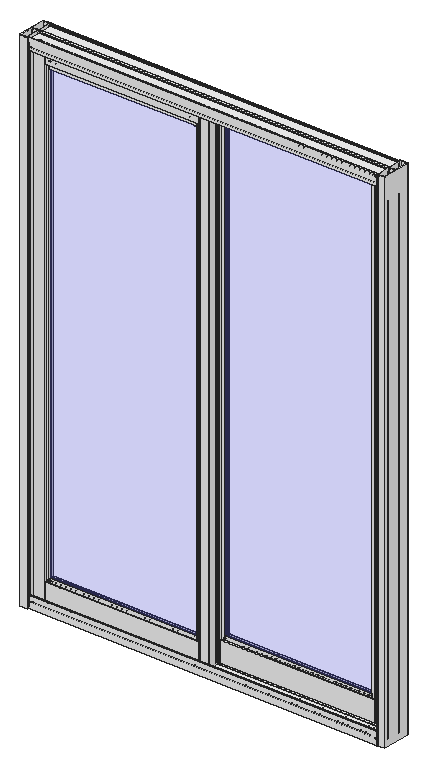
Revit family "Palace_Multi_XO_Custom", category Doors, host Wall, Revit 2014 (continued)
Definition of nested family "Palace_Sash_Fixed_Palace_XO_Cust"
  Definition of nested family "Single_Glazing_Palace_XO_Cust"
    Parameters (values of type "Single_Glazing")
      Arrow Bottom Gap [instance] = Glazing Height / 2  # 450 mm
    Reference planes
      plane 1 "Center (Front/Back)": y = 0
      plane 2: z = 0
      plane 3 "Center (Left/Right)": x = 0
    Forms (mm)
      Extrusion 1, solid, material "Glass" <- "Glazing Material"
        sketch origin (0, 0, 0) x (1, 0, 0) y (0, 0, 1)
          loop
            line (0, 0) -> (0, 900) -> (-900, 900) -> (-900, 0) -> (0, 0)
        from 0 to 4 <- "Glazing Thickness SG"
    Lines and regions (mm)
      model lines, visible <- "Is Sliding"
        curve 1: line (-583.233, -4, 450) -> (-316.767, -4, 450)
      model lines, visible <- "Left Sliding"
        curve 2: line (-316.767, -4, 450) -> (-373.864, -4, 507.097)
        curve 3: line (-316.767, -4, 450) -> (-373.864, -4, 392.903)
      model lines, visible <- "Right Sliding"
        curve 4: line (-583.233, -4, 450) -> (-526.136, -4, 507.097)
        curve 5: line (-583.233, -4, 450) -> (-526.136, -4, 392.903)
    Dimensions and locks
      "Length Arrow": curve 1 to curve 1
      "Arrow Left Gap": plane 3 "Center (Left/Right)" to curve 1
      "Arrow Bottom Gap": level to curve 1
      "Arrow Tip Length": curve 3 to curve 2
      "Arrow Tip Length": curve 3 to curve 3
      "Length Arrow Tip": curve 5 to curve 5
      "Length Arrow Tip": curve 5 to curve 4
      "Glazing Width": plane 3 "Center (Left/Right)" to Extrusion 1 sketch curve
      "Glazing Height": Extrusion 1 sketch curve to level
      "Arrow Tip Angle": angle curve 3 to curve 1
      "Arrow Tip Angle": angle curve 1 to curve 2
      "Arrow Tip Angle": angle curve 4 to curve 1
      "Arrow Tip Angle": angle curve 1 to curve 5
      aligned and locked: level to plane 2
      aligned and locked: Extrusion 1 sketch curve to plane 3 "Center (Left/Right)"
      aligned and locked: level to Extrusion 1 sketch curve
  Definition of nested family "Double_Glazing_Palace_XO_Cust"
    Parameters (values of type "Double_Glazing")
      Glazing Width [instance] = 600 mm
      Glazing Height [instance] = 600 mm
      Right Sliding [instance] = yes
      Length Arrow Tip [instance] = if((Glazing Height - (2 * 50.3 mm)) / 8 > Length Arrow / 3.3, Length Arrow / 3.3, (Glazing Height - (2 * 50.3 mm)) / 8)  # 50.444 mm
      Length Arrow [instance] = (Glazing Width - (2 * 50.3 mm)) / 3  # 166.467 mm
      Left Sliding [instance] = yes
      Is Sliding [instance] = if(or(Right Sliding, Left Sliding), 1 = 1, 1 = 2)  # yes
      Glazing Thickness DG [instance] = 4 mm
      Glazing Material [instance] = Glass
      Double Glazing Gasket Thickness [instance] = 12 mm
      Double Glazing Gasket Material [instance] = none
      Arrow Tip Length [instance] = if((Glazing Height - (2 * 50.3 mm)) / 8 > Length Arrow / 3.3, Length Arrow / 3.3, (Glazing Height - (2 * 50.3 mm)) / 8)  # 50.444 mm
      Arrow Tip Angle = 45.00°  # constant formula
      Arrow Left Gap [instance] = (Glazing Width - Length Arrow) / 2  # 216.767 mm
      Arrow Bottom Gap [instance] = Glazing Height / 2  # 300 mm
    Reference planes
      plane 1 "Center (Front/Back)": y = 0
      plane 2: z = 0
      plane 3 "Center (Left/Right)": x = 0
    Forms (mm)
      Extrusion 1, solid, material "Glass" <- "Glazing Material"
        sketch origin (0, 0, 0) x (1, 0, 0) y (0, 0, 1)
          loop
            line (0, 0) -> (0, 600) -> (-600, 600) -> (-600, 0) -> (0, 0)
        from 0 to 4 <- "Glazing Thickness DG"
      Extrusion 2, solid, material <- "Double Glazing Gasket Material"
        sketch origin (0, -4, 0) x (1, 0, 0) y (0, 0, 1)
          loop
            line (-600, 600) -> (-600, 0) -> (0, 0) -> (0, 600) -> (-600, 600)
          loop
            line (-592, 8) -> (-8, 8) -> (-8, 592) -> (-592, 592) -> (-592, 8)
        from 0 to 12 <- "Double Glazing Gasket Thickness"
      Extrusion 3, solid, material "Glass" <- "Glazing Material"
        sketch origin (0, -16, 0) x (1, 0, 0) y (0, 0, 1)
          loop
            line (-600, 600) -> (-600, 0) -> (0, 0) -> (0, 600) -> (-600, 600)
        from 0 to 4 <- "Glazing Thickness DG"
    Lines and regions (mm)
      model lines, visible <- "Is Sliding"
        curve 1: line (-383.233, -20, 300) -> (-216.767, -20, 300)
      model lines, visible <- "Left Sliding"
        curve 2: line (-216.767, -20, 300) -> (-252.436, -20, 335.67)
        curve 3: line (-216.767, -20, 300) -> (-252.436, -20, 264.33)
      model lines, visible <- "Right Sliding"
        curve 4: line (-383.233, -20, 300) -> (-347.564, -20, 335.67)
        curve 5: line (-383.233, -20, 300) -> (-347.564, -20, 264.33)
    Dimensions and locks
      "Length Arrow": curve 1 to curve 1
      "Arrow Left Gap": plane 3 "Center (Left/Right)" to curve 1
      "Arrow Bottom Gap": level to curve 1
      "Arrow Tip Length": curve 3 to curve 2
      "Arrow Tip Length": curve 3 to curve 3
      "Length Arrow Tip": curve 5 to curve 5
      "Length Arrow Tip": curve 5 to curve 4
      "Glazing Width": plane 3 "Center (Left/Right)" to Extrusion 1 sketch curve
      "Glazing Height": Extrusion 1 sketch curve to level
      "Arrow Tip Angle": angle curve 3 to curve 1
      "Arrow Tip Angle": angle curve 1 to curve 2
      "Arrow Tip Angle": angle curve 4 to curve 1
      "Arrow Tip Angle": angle curve 1 to curve 5
      aligned and locked: level to plane 2
      aligned and locked: Extrusion 1 sketch curve to plane 3 "Center (Left/Right)"
      aligned and locked: level to Extrusion 1 sketch curve
      aligned and locked: Extrusion 2 sketch curve to Extrusion 1  (x4)
      aligned and locked: Extrusion 3 sketch curve to Extrusion 2  (x4)
    Automatic sketch dimensions
      Extrusion 2 sketch curve to Extrusion 1 = 8 mm  (x4)
  Definition of nested family "Palace_Heavy_Duty_Fixed_Interlocker"
    Parameters (values of type "Palace_Heavy_Duty_Fixed_Interlocker")
      Profile Material = none
      Length Interlocker [instance] = 250 mm
    Reference planes
      plane 1 "Center (Front/Back)": y = 0
      plane 2: z = 0
      plane 3 "Center (Left/Right)": x = 0
    Forms (mm)
      Extrusion 1, solid, material <- "Profile Material"
        sketch origin (0, 0, 0) x (1, 0, 0) y (0, 1, 0)
          loop
            arc (63.697, 110.567) -> (63.257, 111.628) -> (62.197, 112.067) r 1.5
            line (62.197, 112.067) -> (60.697, 112.067)
            arc (60.697, 112.067) -> (60.197, 111.567) -> (60.697, 111.067) r 0.5
            line (60.697, 111.067) -> (61.497, 111.067) -> (61.497, 109.867) -> (54.397, 109.867) -> (54.397, 111.067) -> (55.197, 111.067)
            arc (55.197, 111.067) -> (55.697, 111.567) -> (55.197, 112.067) r 0.5
            line (55.197, 112.067) -> (52.197, 112.067) -> (51.597, 111.567) -> (42.297, 111.567)
            arc (42.297, 111.567) -> (41.698, 111.009) -> (42.213, 110.373) r 0.6
            line (42.213, 110.373) -> (59.476, 107.934)
            arc (59.476, 107.934) -> (60.706, 107.265) -> (61.197, 105.954) r 2
            line (61.197, 105.954) -> (61.197, 103.267) -> (23.697, 103.267) -> (23.697, 93.576)
            arc (23.697, 93.576) -> (24.175, 93.076) -> (24.695, 93.532) r 0.5
            line (24.695, 93.532) -> (24.803, 94.767) -> (26.297, 94.767) -> (26.297, 76.267) -> (24.934, 76.267) -> (24.695, 79.002)
            arc (24.695, 79.002) -> (24.175, 79.458) -> (23.697, 78.958) r 0.5
            line (23.697, 78.958) -> (23.697, 66.067) -> (12.797, 66.067) -> (12.097, 65.667) -> (9.897, 65.667) -> (9.897, 66.967) -> (8.697, 66.967) -> (8.697, 64.267) -> (23.697, 64.267) -> (23.697, 8.267) -> (63.697, 8.267) -> (63.697, 110.567)
          loop
            line (25.697, 59.267) -> (25.697, 12.767) -> (61.697, 12.767) -> (61.697, 59.267) -> (25.697, 59.267)
          loop
            line (26.697, 74.467) -> (25.497, 74.467) -> (25.497, 61.067) -> (61.897, 61.067) -> (61.897, 101.267) -> (25.497, 101.267) -> (25.497, 96.567) -> (26.697, 96.567)
            arc (26.697, 96.567) -> (27.686, 96.157) -> (28.097, 95.167) r 1.4
            line (28.097, 95.167) -> (28.097, 75.867)
            arc (28.097, 75.867) -> (27.686, 74.877) -> (26.697, 74.467) r 1.4
        from 0 to 250 <- "Length Interlocker"
      Extrusion 2, void
        sketch origin (63.697, 102.967, 0) x (0, 1, 0) y (0, 0, -1)
          loop
            line (-52.2, 0) -> (-52.2, -19) -> (-46.4, -19) -> (-46.4, 0) -> (-52.2, 0)
          loop
            line (-52.2, -250) -> (-46.4, -250) -> (-46.4, -231) -> (-52.2, -231) -> (-52.2, -250)
        from 0 to 250
    Cuts and joins
      Extrusion 2 cuts Extrusion 1
    Dimensions and locks
      locked: Extrusion 2 sketch curve to Extrusion 1 at 42.5  (x2)
      locked: Extrusion 2 sketch curve to Extrusion 2 sketch curve at 5.8  (x2)
      locked: Extrusion 2 sketch curve to Extrusion 2 sketch curve at 19  (x2)
      aligned and locked: level to plane 2
      aligned and locked: Extrusion 1 to Extrusion 2 sketch curve
      aligned and locked: Extrusion 2 sketch curve to Extrusion 1
Definition of nested family "Palace_Sash_Sliding_Palace_XO_Cust"
  Parameters (values of type "Palace_Sash_Sliding")
    Standard Interlocker [instance] = if(or(Interlock Configuration = 0 mm, Interlock Configuration = 1 mm), 1 = 1, 1 = 0)  # yes
    Single Glazing [instance] = not(Double Glazing)  # yes
    Sill Height = 85 mm
    SG Exterior Offset [instance] = Back Glazing Pillar Gap - SG Available Space + ((SG Available Space - Glazing Thickness SG) / 2)  # 27.85 mm
    SG Available Space = 12.9 mm  # constant formula
    Length Jamb & Interlocker [instance] = Sash Height  # 900 mm
    Jamb Width = 60 mm  # constant formula
    Heavy Duty Interlock [instance] = if(Interlock Configuration = 2 mm, 1 = 1, 1 = 0)  # no
    Interlocker Width = 40 mm  # constant formula
    Interlock Configuration [instance] = 1 mm
    Sash Width [instance] = 900 mm
    Sash Height [instance] = 900 mm
    Right Sliding [instance] = yes
    Profile Material [instance] = White Powder Coated Aluminium ANP 1052
    Length Sash Head & Sill [instance] = Sash Width - Interlocker Width - Jamb Width  # 800 mm
    Left Sliding [instance] = yes
    Is Sliding [instance] = if(or(Right Sliding, Left Sliding), 1 = 1, 1 = 2)  # yes
    Head Height = 50 mm  # constant formula
    Glazing Width [instance] = Sash Width - Glazing Jamb Gap - Glazing Interlocker Gap  # 790 mm
    Glazing Thickness DG [instance] = 3 mm
    Glazing Thickness SG [instance] = 4 mm
    Glazing Spacer = 5 mm  # constant formula
    Glazing Sill Gap = Sill Height + Glazing Spacer  # 90 mm
    Glazing Material [instance] = Glass
    Glazing Jamb Gap = Jamb Width + Glazing Spacer  # 65 mm
    Glazing Interlocker Gap = Interlocker Width + Glazing Spacer  # 45 mm
    Glazing Height [instance] = Sash Height - Glazing Head Gap - Glazing Sill Gap  # 755 mm
    Glazing Head Gap = Head Height + Glazing Spacer  # 55 mm
    DG Gasket Thickness [instance] = 12 mm
    Double Glazing Gasket Material [instance] = none
    Double Glazing [instance] = no
    DG Exterior Offset [instance] = Back Glazing Pillar Gap - DG Available Space + ((DG Available Space - ((Glazing Thickness DG * 2) + DG Gasket Thickness)) / 2)  # 12.9 mm
    DG Available Space = 28.8 mm  # constant formula
    Bead Width [instance] = Sash Width - Interlocker Width - Jamb Width  # 800 mm
    Bead Height [instance] = Sash Height - Sill Height - Head Height  # 765 mm
    Bead Gap From Exterior = 10.4 mm  # constant formula
    Back Glazing Pillar Gap = 36.3 mm  # constant formula
  Reference planes
    plane 1 "Center (Front/Back)": y = 0
    plane 2: z = 0
    plane 3 "Center (Left/Right)": x = 0
  Dimensions and locks
    "Interlocker Width": nested 2 to plane 3 "Center (Left/Right)"
    "Interlocker Width": nested 3 to plane 3 "Center (Left/Right)"
    "Sash Height": nested 3 to level
    "Interlocker Width": nested 4 to plane 3 "Center (Left/Right)"
    "Sill Height": nested 4 to level
    "Bead Gap From Exterior": nested 4 to plane 1 "Center (Front/Back)"
    "Interlocker Width": nested 5 to plane 3 "Center (Left/Right)"
    "Bead Gap From Exterior": nested 5 to plane 1 "Center (Front/Back)"
    "Sill Height": nested 5 to level
    "Glazing Interlocker Gap": nested 6 to plane 3 "Center (Left/Right)"
    "Glazing Sill Gap": nested 6 to level
    "SG Exterior Offset": nested 6 to plane 1 "Center (Front/Back)"
    "Glazing Interlocker Gap": nested 7 to plane 3 "Center (Left/Right)"
    "DG Exterior Offset": nested 7 to plane 1 "Center (Front/Back)"
    "Glazing Sill Gap": nested 7 to level
    "Sash Width": nested 1 to plane 3 "Center (Left/Right)"
    aligned and locked: level to plane 2
    aligned and locked: nested 1 to plane 1 "Center (Front/Back)"
    aligned and locked: nested 1 to level
    aligned and locked: nested 2 to plane 1 "Center (Front/Back)"
    aligned and locked: nested 3 to plane 1 "Center (Front/Back)"
    aligned and locked: nested 2 to level
    aligned and locked: nested 8 to plane 1 "Center (Front/Back)"
    aligned and locked: plane 3 "Center (Left/Right)" to nested 8
    aligned and locked: nested 8 to level
    aligned and locked: plane 3 "Center (Left/Right)" to nested 9
    aligned and locked: nested 9 to plane 1 "Center (Front/Back)"
    aligned and locked: nested 9 to level
  Nested families
    nested 1: "Palace_Sash_Jamb" at (-904.68, 15.626, 0) x (0, -1, 0) z (0, 0, 1), Profile Material <- "Profile Material", Length Jamb <- "Length Jamb & Interlocker", type "Palace_Sash_Jamb"
      with Profile Material White Powder Coated Aluminium ANP 1052, Length Jamb 900 mm
    nested 2: "Palace_Sash_Sill" at (-840, -51.791, -7.573), Profile Material <- "Profile Material", Length Sill <- "Length Sash Head & Sill", type "Palace_Sash_Sill"
      with Profile Material White Powder Coated Aluminium ANP 1052, Length Sill 800 mm
    nested 3: "Palace_Sash_Head" at (-840, -69.85, 642.265), Length Head <- "Length Sash Head & Sill", Profile Material <- "Profile Material", type "Palace_Sash_Head"
      with Profile Material White Powder Coated Aluminium ANP 1052, Length Head 800 mm
    nested 4: "Palace_Angled_Glazing_Bead" at (-40, -23.399, 85) x (-1, 0, 0) z (0, 0, 1), Bead Width <- "Bead Width", Bead Height <- "Bead Height", Profile Material <- "Profile Material", visible <- "Single Glazing", type "Palace_Angled_Glazing_Bead"
      with Profile Material White Powder Coated Aluminium ANP 1052, Bead Width 800 mm, Bead Height 765 mm
    nested 5: "Palace_Double_Glazing_Bead" at (-40, -26.3, 85) x (-1, 0, 0) z (0, 0, 1), Bead Width <- "Bead Width", Bead Height <- "Bead Height", Profile Material <- "Profile Material", visible <- "Double Glazing", type "Palace_Double_Glazing_Bead"
      with Profile Material White Powder Coated Aluminium ANP 1052, Bead Width 800 mm, Bead Height 765 mm
    nested 6: "Single_Glazing_Palace_XO_Cust" at (-835, -31.85, 90) x (-1, 0, 0) z (0, 0, 1), Right Sliding <- "Right Sliding", Left Sliding <- "Left Sliding", Glazing Width <- "Glazing Width", Glazing Height <- "Glazing Height", Double Glazing Gasket Material <- "Double Glazing Gasket Material", Glazing Material <- "Glazing Material", Glazing Thickness SG <- "Glazing Thickness SG", visible <- "Single Glazing", type "Single_Glazing_Palace_XO_Cust"
      with Right Sliding yes, Length Arrow Tip 69.636 mm, Length Arrow 229.8 mm, Left Sliding yes, Is Sliding yes, Glazing Width 790 mm, Glazing Thickness SG 4 mm, Glazing Material Glass, Glazing Height 755 mm, Double Glazing Gasket Material none, Arrow Tip Length 69.636 mm, Arrow Left Gap 280.1 mm, Arrow Bottom Gap 377.5 mm
    nested 7: "Double_Glazing_Palace_XO_Cust" at (-835, -30.9, 90) x (-1, 0, 0) z (0, 0, 1), Glazing Width <- "Glazing Width", Glazing Height <- "Glazing Height", Glazing Material <- "Glazing Material", Double Glazing Gasket Material <- "Double Glazing Gasket Material", Double Glazing Gasket Thickness <- "DG Gasket Thickness", Glazing Thickness DG <- "Glazing Thickness DG", visible <- "Double Glazing", Right Sliding <- "Right Sliding", Left Sliding <- "Left Sliding", type "Double_Glazing_Palace_XO_Cust"
      with Right Sliding yes, Length Arrow Tip 69.636 mm, Length Arrow 229.8 mm, Left Sliding yes, Is Sliding yes, Glazing Width 790 mm, Glazing Thickness DG 3 mm, Glazing Material Glass, Glazing Height 755 mm, Double Glazing Gasket Thickness 12 mm, Double Glazing Gasket Material none, Arrow Tip Length 69.636 mm, Arrow Left Gap 280.1 mm, Arrow Bottom Gap 377.5 mm
    nested 8: "Palace_Sliding_Interlocker" at (-86.142, -119.741, 0), Profile Material <- "Profile Material", Length Interlocker <- "Length Jamb & Interlocker", visible <- "Standard Interlocker", type "Palace_Sliding_Interlocker"
      with Profile Material White Powder Coated Aluminium ANP 1052, Length Interlocker 900 mm
    nested 9: "Palace_Heavy_Duty_Sliding_Interlocker" at (-83.599, -157.115, 0), Profile Material <- "Profile Material", Length Interlocker <- "Length Jamb & Interlocker", visible <- "Heavy Duty Interlock", type "Palace_Heavy_Duty_Sliding_Interlocker"
      with Profile Material White Powder Coated Aluminium ANP 1052, Length Interlocker 900 mm
  Definition of nested family "Palace_Sash_Jamb"
    Parameters (values of type "Palace_Sash_Jamb")
      Profile Material [instance] = none
      Length Jamb [instance] = 250 mm
    Reference planes
      plane 1 "Center (Front/Back)": y = 0
      plane 2: z = 0
      plane 3 "Center (Left/Right)": x = 0
    Forms (mm)
      Extrusion 1, solid, material <- "Profile Material"
        sketch origin (0, 0, 0) x (1, 0, 0) y (0, 1, 0)
          loop
            arc (15.626, 6.48) -> (16.153, 5.207) -> (17.426, 4.68) r 1.8
            line (17.426, 4.68) -> (57.821, 4.68)
            arc (57.821, 4.68) -> (59.094, 5.207) -> (59.621, 6.48) r 1.8
            line (59.621, 6.48) -> (59.621, 64.68) -> (54.626, 64.68) -> (54.626, 79.68) -> (51.926, 79.68) -> (51.926, 78.48) -> (53.226, 78.48) -> (53.226, 76.28) -> (52.826, 75.58) -> (52.826, 64.68) -> (39.934, 64.68)
            arc (39.934, 64.68) -> (39.435, 64.202) -> (39.891, 63.682) r 0.5
            line (39.891, 63.682) -> (42.626, 63.443) -> (42.626, 62.08) -> (24.126, 62.08) -> (24.126, 63.574) -> (25.361, 63.682)
            arc (25.361, 63.682) -> (25.817, 64.202) -> (25.317, 64.68) r 0.5
            line (25.317, 64.68) -> (15.626, 64.68) -> (15.626, 6.48)
          loop
            line (57.821, 6.48) -> (57.821, 9.88) -> (54.822, 9.88) -> (54.822, 11.079) -> (57.821, 11.079) -> (57.821, 62.88) -> (44.426, 62.88) -> (44.426, 61.68)
            arc (44.426, 61.68) -> (44.016, 60.69) -> (43.026, 60.28) r 1.4
            line (43.026, 60.28) -> (23.726, 60.28)
            arc (23.726, 60.28) -> (22.736, 60.69) -> (22.326, 61.68) r 1.4
            line (22.326, 61.68) -> (22.326, 62.88) -> (17.426, 62.88) -> (17.426, 11.079) -> (20.425, 11.079) -> (20.425, 9.88) -> (17.426, 9.88) -> (17.426, 6.48) -> (57.821, 6.48)
        from 0 to 250 <- "Length Jamb"
    Dimensions and locks
      aligned and locked: level to plane 2
  Definition of nested family "Palace_Sash_Sill"
    Parameters (values of type "Palace_Sash_Sill")
      Profile Material [instance] = none
      Length Sill [instance] = 250 mm
      Cutout Width = 15 mm  # constant formula
    Reference planes
      plane 1 "Center (Front/Back)": y = 0
      plane 2: z = 0
      plane 3 "Center (Left/Right)": x = 0
    Forms (mm)
      Extrusion 1, solid, material <- "Profile Material"
        sketch origin (0, 0, 0) x (0, 1, 0) y (0, 0, 1)
          loop
            line (7.791, 7.573) -> (9.591, 7.573) -> (9.591, 9.573) -> (12.691, 9.573) -> (12.691, 11.173) -> (9.581, 11.173) -> (9.581, 23.69) -> (10.091, 24.653) -> (10.091, 27.573) -> (49.486, 27.573) -> (49.486, 24.587) -> (50.041, 23.54) -> (50.041, 11.173) -> (46.891, 11.173) -> (46.891, 9.573) -> (49.991, 9.573) -> (49.991, 7.573) -> (51.791, 7.573) -> (51.791, 92.573) -> (42.095, 92.573)
            arc (42.095, 92.573) -> (41.595, 92.095) -> (42.051, 91.575) r 0.5
            line (42.051, 91.575) -> (43.286, 91.467) -> (43.286, 89.973) -> (24.786, 89.973) -> (24.786, 91.335) -> (27.521, 91.575)
            arc (27.521, 91.575) -> (27.977, 92.095) -> (27.477, 92.573) r 0.5
            line (27.477, 92.573) -> (14.586, 92.573) -> (14.586, 103.473) -> (14.186, 104.173) -> (14.186, 106.373) -> (15.486, 106.373) -> (15.486, 107.573) -> (12.786, 107.573) -> (12.786, 92.573) -> (7.791, 92.573) -> (7.791, 7.573)
          loop
            line (9.581, 90.773) -> (9.581, 29.373) -> (50, 29.373) -> (50, 90.773) -> (45.086, 90.773) -> (45.086, 89.573)
            arc (45.086, 89.573) -> (44.676, 88.583) -> (43.686, 88.173) r 1.4
            line (43.686, 88.173) -> (24.386, 88.173)
            arc (24.386, 88.173) -> (23.396, 88.583) -> (22.986, 89.573) r 1.4
            line (22.986, 89.573) -> (22.986, 90.773) -> (9.581, 90.773)
        from 0 to 250 <- "Length Sill"
      Extrusion 2, void
        sketch origin (0, 0, 0) x (1, 0, 0) y (0, 1, 0)
          loop
            line (0, 15.486) -> (0, 12.786) -> (15, 12.786) -> (15, 15.486) -> (0, 15.486)
          loop
            line (235, 15.486) -> (235, 12.786) -> (250, 12.786) -> (250, 15.486) -> (235, 15.486)
        from 0 to 250
    Cuts and joins
      Extrusion 2 cuts Extrusion 1
    Dimensions and locks
      "Cutout Width": Extrusion 1 to Extrusion 2 sketch curve
      "Cutout Width": Extrusion 2 sketch curve to Extrusion 1
      aligned and locked: level to plane 2
      aligned and locked: Extrusion 2 sketch curve to Extrusion 1  (x6)
    Automatic sketch dimensions
      Extrusion 1 sketch curve to plane 1 "Center (Front/Back)" = 7.791 mm
      Extrusion 1 sketch curve to plane 1 "Center (Front/Back)" = 9.581 mm
      Extrusion 1 sketch curve to Extrusion 1 sketch curve = 0 mm
      Extrusion 1 sketch curve to Extrusion 1 sketch curve = 0.01 mm
      Extrusion 1 sketch curve to Extrusion 1 sketch curve = 0.51 mm
      Extrusion 1 sketch curve to Extrusion 1 sketch curve = 3.11 mm
      Extrusion 1 sketch curve to Extrusion 1 sketch curve = 3.205 mm
      Extrusion 1 sketch curve to Extrusion 1 sketch curve = 1.4 mm  (x3)
      Extrusion 1 sketch curve to Extrusion 1 sketch curve = 1.8 mm  (x4)
      Extrusion 1 sketch curve to Extrusion 1 sketch curve = 1.3 mm
      Extrusion 1 sketch curve to Extrusion 1 sketch curve = 8.4 mm
      Extrusion 1 sketch curve to Extrusion 1 sketch curve = 0.4 mm  (x3)
      Extrusion 1 sketch curve to Extrusion 1 sketch curve = 2.691 mm
      Extrusion 1 sketch curve to Extrusion 1 sketch curve = 0.044 mm  (x2)
      Extrusion 1 sketch curve to Extrusion 1 sketch curve = 14.53 mm
      Extrusion 1 sketch curve to Extrusion 1 sketch curve = 1.235 mm
      level to Extrusion 1 sketch curve = 9.573 mm
      Extrusion 1 sketch curve to Extrusion 1 sketch curve = 34.2 mm
      Extrusion 1 sketch curve to Extrusion 1 sketch curve = 2.596 mm
      Extrusion 1 sketch curve to Extrusion 1 sketch curve = 3.1 mm
      Extrusion 1 sketch curve to Extrusion 1 sketch curve = 4.914 mm
      Extrusion 1 sketch curve to Extrusion 1 sketch curve = 0.05 mm
      level to Extrusion 1 sketch curve = 7.573 mm
      Extrusion 1 sketch curve to Extrusion 1 sketch curve = 2 mm  (x2)
      Extrusion 1 sketch curve to Extrusion 1 sketch curve = 1.6 mm  (x2)
      Extrusion 1 sketch curve to Extrusion 1 sketch curve = 12.367 mm
      Extrusion 1 sketch curve to Extrusion 1 sketch curve = 12.517 mm
      Extrusion 1 sketch curve to Extrusion 1 sketch curve = 1.048 mm
      Extrusion 1 sketch curve to Extrusion 1 sketch curve = 0.963 mm
      Extrusion 1 sketch curve to Extrusion 1 sketch curve = 2.92 mm
      Extrusion 1 sketch curve to Extrusion 1 sketch curve = 58.8 mm
      Extrusion 1 sketch curve to Extrusion 1 sketch curve = 1.2 mm  (x3)
      Extrusion 1 sketch curve to Extrusion 1 sketch curve = 1.363 mm
      Extrusion 1 sketch curve to Extrusion 1 sketch curve = 1.494 mm
      Extrusion 1 sketch curve to Extrusion 1 sketch curve = 0.239 mm
      Extrusion 1 sketch curve to Extrusion 1 sketch curve = 0.108 mm
      Extrusion 1 sketch curve to Extrusion 1 sketch curve = 0.498 mm  (x2)
      Extrusion 1 sketch curve to Extrusion 1 sketch curve = 10.9 mm
      Extrusion 1 sketch curve to Extrusion 1 sketch curve = 0.7 mm
      Extrusion 1 sketch curve to Extrusion 1 sketch curve = 2.2 mm
  Definition of nested family "Palace_Sash_Head"
    Parameters (values of type "Palace_Sash_Head")
      Profile Material [instance] = none
      Length Head [instance] = 250 mm
      Cutout Width = 15 mm  # constant formula
    Reference planes
      plane 1 "Center (Front/Back)": y = 0
      plane 2: z = 0
      plane 3 "Center (Left/Right)": x = 0
    Forms (mm)
      Extrusion 1, solid, material <- "Profile Material"
        sketch origin (0, 0, 0) x (0, 1, 0) y (0, 0, 1)
          loop
            line (69.85, 257.735) -> (68.05, 257.735) -> (68.05, 255.735) -> (64.95, 255.735) -> (64.95, 254.135) -> (68.1, 254.135) -> (68.1, 241.768) -> (67.545, 240.72) -> (67.545, 237.735) -> (28.15, 237.735) -> (28.15, 240.654) -> (27.64, 241.618) -> (27.64, 254.135) -> (30.75, 254.135) -> (30.75, 255.735) -> (27.65, 255.735) -> (27.65, 257.735) -> (25.85, 257.735) -> (25.85, 207.735) -> (30.845, 207.735) -> (30.845, 192.735) -> (33.545, 192.735) -> (33.545, 193.935) -> (32.245, 193.935) -> (32.245, 196.135) -> (32.645, 196.835) -> (32.645, 207.735) -> (45.537, 207.735)
            arc (45.537, 207.735) -> (46.036, 208.213) -> (45.58, 208.733) r 0.5
            line (45.58, 208.733) -> (42.845, 208.972) -> (42.845, 210.335) -> (61.345, 210.335) -> (61.345, 208.841) -> (60.111, 208.733)
            arc (60.111, 208.733) -> (59.655, 208.213) -> (60.154, 207.735) r 0.5
            line (60.154, 207.735) -> (69.85, 207.735) -> (69.85, 257.735)
          loop
            line (27.64, 235.935) -> (27.64, 209.535) -> (41.045, 209.535) -> (41.045, 210.735)
            arc (41.045, 210.735) -> (41.455, 211.725) -> (42.445, 212.135) r 1.4
            line (42.445, 212.135) -> (61.745, 212.135)
            arc (61.745, 212.135) -> (62.735, 211.725) -> (63.145, 210.735) r 1.4
            line (63.145, 210.735) -> (63.145, 209.535) -> (68.06, 209.535) -> (68.06, 235.935) -> (27.64, 235.935)
        from 0 to 250 <- "Length Head"
      Extrusion 2, void
        sketch origin (0, 0, 0) x (1, 0, 0) y (0, 1, 0)
          loop
            line (250, 30.845) -> (250, 33.545) -> (235, 33.545) -> (235, 30.845) -> (250, 30.845)
          loop
            line (15, 33.545) -> (0, 33.545) -> (0, 30.845) -> (15, 30.845) -> (15, 33.545)
        from 0 to 250
    Cuts and joins
      Extrusion 2 cuts Extrusion 1
    Dimensions and locks
      "Cutout Width": Extrusion 1 to Extrusion 2 sketch curve
      "Cutout Width": Extrusion 2 sketch curve to Extrusion 1
      aligned and locked: level to plane 2
      aligned and locked: Extrusion 1 to Extrusion 2 sketch curve  (x2)
      aligned and locked: Extrusion 2 sketch curve to Extrusion 1  (x4)
    Automatic sketch dimensions
      Extrusion 1 sketch curve to plane 1 "Center (Front/Back)" = 25.85 mm
      Extrusion 1 sketch curve to Extrusion 1 sketch curve = 1.79 mm  (x2)
      Extrusion 1 sketch curve to Extrusion 1 sketch curve = 0 mm  (x2)
      Extrusion 1 sketch curve to Extrusion 1 sketch curve = 1.8 mm  (x3)
      Extrusion 1 sketch curve to Extrusion 1 sketch curve = 0.51 mm
      Extrusion 1 sketch curve to Extrusion 1 sketch curve = 3.1 mm  (x2)
      Extrusion 1 sketch curve to Extrusion 1 sketch curve = 3.205 mm
      Extrusion 1 sketch curve to Extrusion 1 sketch curve = 1.4 mm  (x3)
      Extrusion 1 sketch curve to Extrusion 1 sketch curve = 1.3 mm
      Extrusion 1 sketch curve to Extrusion 1 sketch curve = 8.4 mm
      Extrusion 1 sketch curve to Extrusion 1 sketch curve = 0.4 mm  (x3)
      Extrusion 1 sketch curve to Extrusion 1 sketch curve = 2.691 mm
      Extrusion 1 sketch curve to Extrusion 1 sketch curve = 0.044 mm  (x2)
      Extrusion 1 sketch curve to Extrusion 1 sketch curve = 14.53 mm
      Extrusion 1 sketch curve to Extrusion 1 sketch curve = 1.235 mm
      Extrusion 1 sketch curve to Extrusion 1 sketch curve = 34.2 mm
      Extrusion 1 sketch curve to Extrusion 1 sketch curve = 2.596 mm
      Extrusion 1 sketch curve to Extrusion 1 sketch curve = 4.914 mm
      Extrusion 1 sketch curve to Extrusion 1 sketch curve = 0.554 mm
      level to Extrusion 1 sketch curve = 192.735 mm
      Extrusion 1 sketch curve to Extrusion 1 sketch curve = 1.2 mm
      Extrusion 1 sketch curve to Extrusion 1 sketch curve = 2.2 mm
      Extrusion 1 sketch curve to Extrusion 1 sketch curve = 0.7 mm
      Extrusion 1 sketch curve to Extrusion 1 sketch curve = 10.9 mm  (x2)
      Extrusion 1 sketch curve to Extrusion 1 sketch curve = 0.5 mm  (x2)
      Extrusion 1 sketch curve to Extrusion 1 sketch curve = 0.108 mm
      Extrusion 1 sketch curve to Extrusion 1 sketch curve = 0.239 mm
      Extrusion 1 sketch curve to Extrusion 1 sketch curve = 0.563 mm
      Extrusion 1 sketch curve to Extrusion 1 sketch curve = 0.694 mm
      Extrusion 1 sketch curve to Extrusion 1 sketch curve = 1.363 mm
      Extrusion 1 sketch curve to Extrusion 1 sketch curve = 23.8 mm
      Extrusion 1 sketch curve to Extrusion 1 sketch curve = 2.92 mm
      Extrusion 1 sketch curve to Extrusion 1 sketch curve = 2.985 mm
      Extrusion 1 sketch curve to Extrusion 1 sketch curve = 0.963 mm
      Extrusion 1 sketch curve to Extrusion 1 sketch curve = 1.048 mm
      Extrusion 1 sketch curve to Extrusion 1 sketch curve = 12.367 mm
      Extrusion 1 sketch curve to Extrusion 1 sketch curve = 12.517 mm
      Extrusion 1 sketch curve to Extrusion 1 sketch curve = 1.6 mm  (x2)
      Extrusion 1 sketch curve to Extrusion 1 sketch curve = 2 mm  (x2)
  Definition of nested family "Palace_Angled_Glazing_Bead"
    Parameters (values of type "Palace_Angled_Glazing_Bead")
      Profile Material [instance] = none
      Bead Width [instance] = 1120 mm
      Bead Height [instance] = 1860 mm
    Reference planes
      plane 1 "Center (Front/Back)": y = 0
      plane 2: z = 0
      plane 3 "Center (Left/Right)": x = 0
    Forms (mm)
      Sweep 1, solid, material <- "Profile Material"
        path origin (0, 0, 0) x (1, 0, 0) y (0, 0, 1)
          loop
            line (0, 0) -> (1120, 0) -> (1120, 1860) -> (0, 1860) -> (0, 0)
        profile origin (560, 0, 0) x (0, 0, 1) y (0, -1, 0)
          loop
            line (7.999, 0.8) -> (7.999, 2.044) -> (10.199, 4.244) -> (12.521, 1.922) -> (11.399, 0.8) -> (10.599, 0.8) -> (10.599, 0) -> (14.999, 0) -> (14.999, 1) -> (0.793, 15.205) -> (0, 15.205) -> (0, 12.999) -> (-1.4, 12.999) -> (-1.4, 13.823)
            arc (-1.4, 13.823) -> (-2.107, 13.53) -> (-2.4, 12.823) r 1
            line (-2.4, 12.823) -> (-2.4, 11.899) -> (0.6, 11.899)
            arc (0.6, 11.899) -> (0.953, 12.045) -> (1.1, 12.399) r 0.5
            line (1.1, 12.399) -> (1.1, 13.343) -> (9.421, 5.022) -> (6.899, 2.5) -> (6.899, 1.1) -> (-1.6, 1.1)
            arc (-1.6, 1.1) -> (-2.165, 0.866) -> (-2.4, 0.3) r 0.8
            line (-2.4, 0.3) -> (-2.4, -2.5)
            arc (-2.4, -2.5) -> (-1.9, -3) -> (-1.4, -2.5) r 0.5
            line (-1.4, -2.5) -> (-1.4, 0) -> (8.799, 0) -> (8.799, 0.8) -> (7.999, 0.8)
    Dimensions and locks
      "Bead Width": Sweep 1 sketch curve to Sweep 1 sketch curve
      "Bead Height": Sweep 1 sketch curve to Sweep 1 sketch curve
      aligned and locked: level to plane 2
    Automatic sketch dimensions
      Sweep 1 sketch curve to plane 1 "Center (Front/Back)" = 0 mm  (x2)
      profile plane to Sweep 1 sketch curve = 0 mm
      profile plane to Sweep 1 sketch curve = 1.4 mm  (x2)
      Sweep 1 sketch curve to Sweep 1 sketch curve = 0.2 mm
      Sweep 1 sketch curve to Sweep 1 sketch curve = 0.5 mm  (x2)
      Sweep 1 sketch curve to Sweep 1 sketch curve = 1 mm  (x2)
      Sweep 1 sketch curve to profile plane = 0.6 mm
      Sweep 1 sketch curve to profile plane = 0.793 mm
      plane 1 "Center (Front/Back)" to Sweep 1 sketch curve = 1.1 mm
      Sweep 1 sketch curve to profile plane = 6.899 mm
      Sweep 1 sketch curve to Sweep 1 sketch curve = 1.1 mm
      Sweep 1 sketch curve to Sweep 1 sketch curve = 0.8 mm  (x2)
      Sweep 1 sketch curve to Sweep 1 sketch curve = 1.422 mm
      plane 1 "Center (Front/Back)" to Sweep 1 sketch curve = 4.244 mm
      Sweep 1 sketch curve to Sweep 1 sketch curve = 0.778 mm  (x2)
      Sweep 1 sketch curve to Sweep 1 sketch curve = 1.8 mm
      plane 1 "Center (Front/Back)" to Sweep 1 sketch curve = 1.922 mm
      Sweep 1 sketch curve to Sweep 1 sketch curve = 1.122 mm
      Sweep 1 sketch curve to Sweep 1 sketch curve = 2.5 mm
      plane 1 "Center (Front/Back)" to Sweep 1 sketch curve = 0.8 mm
      Sweep 1 sketch curve to Sweep 1 sketch curve = 0.456 mm
      Sweep 1 sketch curve to Sweep 1 sketch curve = 1.444 mm
      Sweep 1 sketch curve to Sweep 1 sketch curve = 0.924 mm
      Sweep 1 sketch curve to Sweep 1 sketch curve = 0.176 mm
      Sweep 1 sketch curve to Sweep 1 sketch curve = 1.862 mm
      Sweep 1 sketch curve to Sweep 1 sketch curve = 2.478 mm
      Sweep 1 sketch curve to plane 3 "Center (Left/Right)" = 0 mm
      Sweep 1 sketch curve to level = 0 mm
  Definition of nested family "Palace_Double_Glazing_Bead"
    Parameters (values of type "Palace_Double_Glazing_Bead")
      Profile Material [instance] = none
      Bead Width [instance] = 600 mm
      Bead Height [instance] = 900 mm
    Reference planes
      plane 1 "Center (Front/Back)": y = 0
      plane 2: z = 0
      plane 3 "Center (Left/Right)": x = 0
    Forms (mm)
      Sweep 1, solid, material <- "Profile Material"
        path origin (0, 0, 0) x (1, 0, 0) y (0, 0, 1)
          loop
            line (0, 0) -> (600, 0) -> (600, 900) -> (0, 900) -> (0, 0)
        profile origin (300, 0, 0) x (0, 0, 1) y (0, -1, 0)
          loop
            line (1.6, 21.9) -> (7.5, 21.9) -> (7.5, 18.8) -> (9.35, 18.8)
            arc (9.35, 18.8) -> (9.75, 19.2) -> (9.35, 19.6) r 0.4
            line (9.35, 19.6) -> (8.55, 19.6) -> (8.55, 21.9) -> (13.95, 21.9) -> (13.95, 19.6) -> (13.15, 19.6)
            arc (13.15, 19.6) -> (12.75, 19.2) -> (13.15, 18.8) r 0.4
            line (13.15, 18.8) -> (15, 18.8) -> (15, 23.5) -> (0, 23.5) -> (0, 15.9) -> (-1.387, 15.9) -> (-1.387, 16.7)
            arc (-1.387, 16.7) -> (-2.102, 16.411) -> (-2.4, 15.7) r 1
            line (-2.4, 15.7) -> (-2.4, 0.5)
            arc (-2.4, 0.5) -> (-1.9, 0) -> (-1.4, 0.5) r 0.5
            line (-1.4, 0.5) -> (-1.4, 3.5) -> (-0.4, 3.5) -> (-0.4, 14.5) -> (1.6, 14.5) -> (1.6, 21.9)
    Lines and regions (mm)
      symbolic lines
        curve 1: line (15, 0, 15) -> (15, 0, -3.262)
        curve 2: line (585, 0, 15) -> (585, 0, -2.637)
        curve 3: line (585, 0, 885) -> (585, 0, 902.012)
        curve 4: line (15, 0, 885) -> (15, 0, 902.325)
    Dimensions and locks
      "Bead Width": Sweep 1 sketch curve to Sweep 1 sketch curve
      "Bead Height": Sweep 1 sketch curve to Sweep 1 sketch curve
      aligned and locked: level to plane 2
      aligned and locked: Sweep 1 to curve 3  (x2)
      aligned and locked: Sweep 1 to curve 4
      aligned and locked: curve 4 to Sweep 1
      aligned and locked: Sweep 1 to curve 1
      aligned and locked: curve 1 to Sweep 1
      aligned and locked: Sweep 1 to curve 2
      aligned and locked: curve 2 to Sweep 1
    Automatic sketch dimensions
      profile plane to Sweep 1 sketch curve = 2.4 mm
      Sweep 1 sketch curve to Sweep 1 sketch curve = 0.5 mm
      Sweep 1 sketch curve to Sweep 1 sketch curve = 1 mm  (x2)
      Sweep 1 sketch curve to Sweep 1 sketch curve = 0.012 mm
      Sweep 1 sketch curve to Sweep 1 sketch curve = 1.387 mm
      Sweep 1 sketch curve to Sweep 1 sketch curve = 1.6 mm  (x2)
      Sweep 1 sketch curve to Sweep 1 sketch curve = 5.9 mm
      Sweep 1 sketch curve to Sweep 1 sketch curve = 1.05 mm  (x2)
      Sweep 1 sketch curve to Sweep 1 sketch curve = 0.8 mm  (x2)
      Sweep 1 sketch curve to Sweep 1 sketch curve = 3.8 mm
      Sweep 1 sketch curve to Sweep 1 sketch curve = 3 mm
      Sweep 1 sketch curve to Sweep 1 sketch curve = 11 mm
      Sweep 1 sketch curve to Sweep 1 sketch curve = 1.2 mm
      Sweep 1 sketch curve to Sweep 1 sketch curve = 0.2 mm
      Sweep 1 sketch curve to Sweep 1 sketch curve = 4.3 mm
      Sweep 1 sketch curve to Sweep 1 sketch curve = 0 mm  (x2)
      Sweep 1 sketch curve to Sweep 1 sketch curve = 0.4 mm  (x2)
      Sweep 1 sketch curve to Sweep 1 sketch curve = 2.3 mm
      plane 1 "Center (Front/Back)" to Sweep 1 sketch curve = 0.5 mm
      curve 1 to level = 3.262 mm
      curve 2 to level = 2.637 mm
      curve 4 to curve 4 = 17.325 mm
      curve 3 to curve 3 = 17.012 mm
      Sweep 1 sketch curve to plane 3 "Center (Left/Right)" = 0 mm
      Sweep 1 sketch curve to level = 0 mm
  Definition of nested family "Single_Glazing_Palace_XO_Cust"
    Parameters (values of type "Single_Glazing")
      Glazing Width [instance] = 900 mm
      Glazing Height [instance] = 900 mm
      Right Sliding [instance] = yes
      Length Arrow Tip [instance] = if((Glazing Height - (2 * 50.3 mm)) / 8 > Length Arrow / 3.3, Length Arrow / 3.3, (Glazing Height - (2 * 50.3 mm)) / 8)  # 80.747 mm
      Length Arrow [instance] = (Glazing Width - (2 * 50.3 mm)) / 3  # 266.467 mm
      Left Sliding [instance] = yes
      Is Sliding [instance] = if(or(Right Sliding, Left Sliding), 1 = 1, 1 = 2)  # yes
      Glazing Thickness SG [instance] = 4 mm
      Glazing Material [instance] = Glass
      Double Glazing Gasket Material [instance] = none
      Arrow Tip Length [instance] = if((Glazing Height - (2 * 50.3 mm)) / 8 > Length Arrow / 3.3, Length Arrow / 3.3, (Glazing Height - (2 * 50.3 mm)) / 8)  # 80.747 mm
      Arrow Tip Angle = 45.00°  # constant formula
      Arrow Left Gap [instance] = (Glazing Width - Length Arrow) / 2  # 316.767 mm
      Arrow Bottom Gap [instance] = Glazing Height / 2  # 450 mm
    Reference planes
      plane 1 "Center (Front/Back)": y = 0
      plane 2: z = 0
      plane 3 "Center (Left/Right)": x = 0
    Forms (mm)
      Extrusion 1, solid, material "Glass" <- "Glazing Material"
        sketch origin (0, 0, 0) x (1, 0, 0) y (0, 0, 1)
          loop
            line (0, 0) -> (0, 900) -> (-900, 900) -> (-900, 0) -> (0, 0)
        from 0 to 4 <- "Glazing Thickness SG"
    Lines and regions (mm)
      model lines, visible <- "Is Sliding"
        curve 1: line (-583.233, -4, 450) -> (-316.767, -4, 450)
      model lines, visible <- "Left Sliding"
        curve 2: line (-316.767, -4, 450) -> (-373.864, -4, 507.097)
        curve 3: line (-316.767, -4, 450) -> (-373.864, -4, 392.903)
      model lines, visible <- "Right Sliding"
        curve 4: line (-583.233, -4, 450) -> (-526.136, -4, 507.097)
        curve 5: line (-583.233, -4, 450) -> (-526.136, -4, 392.903)
    Dimensions and locks
      "Length Arrow": curve 1 to curve 1
      "Arrow Left Gap": plane 3 "Center (Left/Right)" to curve 1
      "Arrow Bottom Gap": level to curve 1
      "Arrow Tip Length": curve 3 to curve 2
      "Arrow Tip Length": curve 3 to curve 3
      "Length Arrow Tip": curve 5 to curve 5
      "Length Arrow Tip": curve 5 to curve 4
      "Glazing Width": plane 3 "Center (Left/Right)" to Extrusion 1 sketch curve
      "Glazing Height": Extrusion 1 sketch curve to level
      "Arrow Tip Angle": angle curve 3 to curve 1
      "Arrow Tip Angle": angle curve 1 to curve 2
      "Arrow Tip Angle": angle curve 4 to curve 1
      "Arrow Tip Angle": angle curve 1 to curve 5
      aligned and locked: level to plane 2
      aligned and locked: Extrusion 1 sketch curve to plane 3 "Center (Left/Right)"
      aligned and locked: level to Extrusion 1 sketch curve
  Definition of nested family "Double_Glazing_Palace_XO_Cust"
    Parameters (values of type "Double_Glazing")
      Glazing Width [instance] = 600 mm
      Glazing Height [instance] = 600 mm
      Right Sliding [instance] = yes
      Length Arrow Tip [instance] = if((Glazing Height - (2 * 50.3 mm)) / 8 > Length Arrow / 3.3, Length Arrow / 3.3, (Glazing Height - (2 * 50.3 mm)) / 8)  # 50.444 mm
      Length Arrow [instance] = (Glazing Width - (2 * 50.3 mm)) / 3  # 166.467 mm
      Left Sliding [instance] = yes
      Is Sliding [instance] = if(or(Right Sliding, Left Sliding), 1 = 1, 1 = 2)  # yes
      Glazing Thickness DG [instance] = 4 mm
      Glazing Material [instance] = Glass
      Double Glazing Gasket Thickness [instance] = 12 mm
      Double Glazing Gasket Material [instance] = none
      Arrow Tip Length [instance] = if((Glazing Height - (2 * 50.3 mm)) / 8 > Length Arrow / 3.3, Length Arrow / 3.3, (Glazing Height - (2 * 50.3 mm)) / 8)  # 50.444 mm
      Arrow Tip Angle = 45.00°  # constant formula
      Arrow Left Gap [instance] = (Glazing Width - Length Arrow) / 2  # 216.767 mm
      Arrow Bottom Gap [instance] = Glazing Height / 2  # 300 mm
    Reference planes
      plane 1 "Center (Front/Back)": y = 0
      plane 2: z = 0
      plane 3 "Center (Left/Right)": x = 0
    Forms (mm)
      Extrusion 1, solid, material "Glass" <- "Glazing Material"
        sketch origin (0, 0, 0) x (1, 0, 0) y (0, 0, 1)
          loop
            line (0, 0) -> (0, 600) -> (-600, 600) -> (-600, 0) -> (0, 0)
        from 0 to 4 <- "Glazing Thickness DG"
      Extrusion 2, solid, material <- "Double Glazing Gasket Material"
        sketch origin (0, -4, 0) x (1, 0, 0) y (0, 0, 1)
          loop
            line (-600, 600) -> (-600, 0) -> (0, 0) -> (0, 600) -> (-600, 600)
          loop
            line (-592, 8) -> (-8, 8) -> (-8, 592) -> (-592, 592) -> (-592, 8)
        from 0 to 12 <- "Double Glazing Gasket Thickness"
      Extrusion 3, solid, material "Glass" <- "Glazing Material"
        sketch origin (0, -16, 0) x (1, 0, 0) y (0, 0, 1)
          loop
            line (-600, 600) -> (-600, 0) -> (0, 0) -> (0, 600) -> (-600, 600)
        from 0 to 4 <- "Glazing Thickness DG"
    Lines and regions (mm)
      model lines, visible <- "Is Sliding"
        curve 1: line (-383.233, -20, 300) -> (-216.767, -20, 300)
      model lines, visible <- "Left Sliding"
        curve 2: line (-216.767, -20, 300) -> (-252.436, -20, 335.67)
        curve 3: line (-216.767, -20, 300) -> (-252.436, -20, 264.33)
      model lines, visible <- "Right Sliding"
        curve 4: line (-383.233, -20, 300) -> (-347.564, -20, 335.67)
        curve 5: line (-383.233, -20, 300) -> (-347.564, -20, 264.33)
    Dimensions and locks
      "Length Arrow": curve 1 to curve 1
      "Arrow Left Gap": plane 3 "Center (Left/Right)" to curve 1
      "Arrow Bottom Gap": level to curve 1
      "Arrow Tip Length": curve 3 to curve 2
      "Arrow Tip Length": curve 3 to curve 3
      "Length Arrow Tip": curve 5 to curve 5
      "Length Arrow Tip": curve 5 to curve 4
      "Glazing Width": plane 3 "Center (Left/Right)" to Extrusion 1 sketch curve
      "Glazing Height": Extrusion 1 sketch curve to level
      "Arrow Tip Angle": angle curve 3 to curve 1
      "Arrow Tip Angle": angle curve 1 to curve 2
      "Arrow Tip Angle": angle curve 4 to curve 1
      "Arrow Tip Angle": angle curve 1 to curve 5
      aligned and locked: level to plane 2
      aligned and locked: Extrusion 1 sketch curve to plane 3 "Center (Left/Right)"
      aligned and locked: level to Extrusion 1 sketch curve
      aligned and locked: Extrusion 2 sketch curve to Extrusion 1  (x4)
      aligned and locked: Extrusion 3 sketch curve to Extrusion 2  (x4)
    Automatic sketch dimensions
      Extrusion 2 sketch curve to Extrusion 1 = 8 mm  (x4)
  Definition of nested family "Palace_Sliding_Interlocker"
    Parameters (values of type "Palace_Sliding_Interlocker")
      Profile Material [instance] = none
      Length Interlocker [instance] = 250 mm
    Reference planes
      plane 1 "Center (Front/Back)": y = 0
      plane 2: z = 0
      plane 3 "Center (Left/Right)": x = 0
    Forms (mm)
      Extrusion 1, solid, material <- "Profile Material"
        sketch origin (0, 0, 0) x (1, 0, 0) y (0, 1, 0)
          loop
            line (84.342, 119.741) -> (46.142, 119.741) -> (46.142, 110.049)
            arc (46.142, 110.049) -> (46.62, 109.55) -> (47.14, 110.006) r 0.5
            line (47.14, 110.006) -> (47.248, 111.241) -> (48.742, 111.241) -> (48.742, 92.741) -> (47.38, 92.741) -> (47.14, 95.475)
            arc (47.14, 95.475) -> (46.62, 95.931) -> (46.142, 95.432) r 0.5
            line (46.142, 95.432) -> (46.142, 82.541) -> (35.242, 82.541) -> (34.542, 82.141) -> (32.342, 82.141) -> (32.342, 83.441) -> (31.142, 83.441) -> (31.142, 80.741) -> (46.142, 80.741) -> (46.142, 75.741) -> (74.142, 75.741) -> (74.142, 73.054)
            arc (74.142, 73.054) -> (73.652, 71.742) -> (72.422, 71.074) r 2
            line (72.422, 71.074) -> (55.158, 68.635)
            arc (55.158, 68.635) -> (54.644, 67.999) -> (55.242, 67.441) r 0.6
            line (55.242, 67.441) -> (64.542, 67.441) -> (65.142, 66.941) -> (68.142, 66.941)
            arc (68.142, 66.941) -> (68.642, 67.441) -> (68.142, 67.941) r 0.5
            line (68.142, 67.941) -> (67.342, 67.941) -> (67.342, 69.141) -> (74.442, 69.141) -> (74.442, 67.941) -> (73.642, 67.941)
            arc (73.642, 67.941) -> (73.142, 67.441) -> (73.642, 66.941) r 0.5
            line (73.642, 66.941) -> (75.142, 66.941)
            arc (75.142, 66.941) -> (76.203, 67.38) -> (76.642, 68.441) r 1.5
            line (76.642, 68.441) -> (76.642, 75.741) -> (84.342, 75.741)
            arc (84.342, 75.741) -> (85.615, 76.268) -> (86.142, 77.541) r 1.8
            line (86.142, 77.541) -> (86.142, 117.941)
            arc (86.142, 117.941) -> (85.615, 119.213) -> (84.342, 119.741) r 1.8
          loop
            line (49.142, 90.941) -> (47.942, 90.941) -> (47.942, 77.541) -> (84.342, 77.541) -> (84.342, 117.741) -> (47.942, 117.741) -> (47.942, 113.041) -> (49.142, 113.041)
            arc (49.142, 113.041) -> (50.132, 112.631) -> (50.542, 111.641) r 1.4
            line (50.542, 111.641) -> (50.542, 92.341)
            arc (50.542, 92.341) -> (50.132, 91.351) -> (49.142, 90.941) r 1.4
        from 0 to 250 <- "Length Interlocker"
    Dimensions and locks
      aligned and locked: level to plane 2
  Definition of nested family "Palace_Heavy_Duty_Sliding_Interlocker"
    Parameters (values of type "Palace_Heavy_Duty_Sliding_Interlocker")
      Profile Material [instance] = none
      Length Interlocker [instance] = 250 mm
    Reference planes
      plane 1 "Center (Front/Back)": y = 0
      plane 2: z = 0
      plane 3 "Center (Left/Right)": x = 0
    Forms (mm)
      Extrusion 1, solid, material <- "Profile Material"
        sketch origin (0, 0, 0) x (1, 0, 0) y (0, 1, 0)
          loop
            line (83.599, 114.915) -> (83.599, 208.115) -> (43.599, 208.115) -> (43.599, 147.423)
            arc (43.599, 147.423) -> (44.077, 146.924) -> (44.597, 147.38) r 0.5
            line (44.597, 147.38) -> (44.705, 148.615) -> (46.199, 148.615) -> (46.199, 130.115) -> (44.836, 130.115) -> (44.597, 132.85)
            arc (44.597, 132.85) -> (44.077, 133.305) -> (43.599, 132.806) r 0.5
            line (43.599, 132.806) -> (43.599, 119.915) -> (32.699, 119.915) -> (31.999, 119.515) -> (29.799, 119.515) -> (29.799, 120.815) -> (28.599, 120.815) -> (28.599, 118.115) -> (43.599, 118.115) -> (43.599, 113.115) -> (71.599, 113.115) -> (71.599, 110.428)
            arc (71.599, 110.428) -> (71.109, 109.117) -> (69.879, 108.448) r 2
            line (69.879, 108.448) -> (52.615, 106.009)
            arc (52.615, 106.009) -> (52.101, 105.373) -> (52.699, 104.815) r 0.6
            line (52.699, 104.815) -> (61.999, 104.815) -> (62.599, 104.315) -> (65.599, 104.315)
            arc (65.599, 104.315) -> (66.099, 104.815) -> (65.599, 105.315) r 0.5
            line (65.599, 105.315) -> (64.799, 105.315) -> (64.799, 106.515) -> (71.899, 106.515) -> (71.899, 105.315) -> (71.099, 105.315)
            arc (71.099, 105.315) -> (70.599, 104.815) -> (71.099, 104.315) r 0.5
            line (71.099, 104.315) -> (72.599, 104.315)
            arc (72.599, 104.315) -> (73.66, 104.754) -> (74.099, 105.815) r 1.5
            line (74.099, 105.815) -> (74.099, 113.115) -> (81.799, 113.115)
            arc (81.799, 113.115) -> (83.072, 113.642) -> (83.599, 114.915) r 1.8
          loop
            line (46.599, 128.315) -> (45.399, 128.315) -> (45.399, 114.915) -> (81.799, 114.915) -> (81.799, 155.115) -> (45.399, 155.115) -> (45.399, 150.415) -> (46.599, 150.415)
            arc (46.599, 150.415) -> (47.589, 150.005) -> (47.999, 149.015) r 1.4
            line (47.999, 149.015) -> (47.999, 129.715)
            arc (47.999, 129.715) -> (47.589, 128.725) -> (46.599, 128.315) r 1.4
          loop
            line (45.599, 157.115) -> (81.599, 157.115) -> (81.599, 203.615) -> (45.599, 203.615) -> (45.599, 157.115)
        from 0 to 250 <- "Length Interlocker"
    Dimensions and locks
      aligned and locked: level to plane 2
Definition of nested family "Single_Glazing_Palace_XO_Cust"
  Parameters (values of type "Single_Glazing")
    Glazing Width [instance] = 900 mm
    Glazing Height [instance] = 900 mm
    Right Sliding [instance] = yes
    Length Arrow Tip [instance] = if((Glazing Height - (2 * 50.3 mm)) / 8 > Length Arrow / 3.3, Length Arrow / 3.3, (Glazing Height - (2 * 50.3 mm)) / 8)  # 80.747 mm
    Length Arrow [instance] = (Glazing Width - (2 * 50.3 mm)) / 3  # 266.467 mm
    Left Sliding [instance] = yes
    Is Sliding [instance] = if(or(Right Sliding, Left Sliding), 1 = 1, 1 = 2)  # yes
    Glazing Thickness SG [instance] = 4 mm
    Glazing Material [instance] = Glass
    Double Glazing Gasket Material [instance] = none
    Arrow Tip Length [instance] = if((Glazing Height - (2 * 50.3 mm)) / 8 > Length Arrow / 3.3, Length Arrow / 3.3, (Glazing Height - (2 * 50.3 mm)) / 8)  # 80.747 mm
    Arrow Tip Angle = 45.00°  # constant formula
    Arrow Left Gap [instance] = (Glazing Width - Length Arrow) / 2  # 316.767 mm
    Arrow Bottom Gap [instance] = Glazing Height / 2  # 450 mm
  Reference planes
    plane 1 "Center (Front/Back)": y = 0
    plane 2: z = 0
    plane 3 "Center (Left/Right)": x = 0
  Forms (mm)
    Extrusion 1, solid, material "Glass" <- "Glazing Material"
      sketch origin (0, 0, 0) x (1, 0, 0) y (0, 0, 1)
        loop
          line (0, 0) -> (0, 900) -> (-900, 900) -> (-900, 0) -> (0, 0)
      from 0 to 4 <- "Glazing Thickness SG"
  Lines and regions (mm)
    model lines, visible <- "Is Sliding"
      curve 1: line (-583.233, -4, 450) -> (-316.767, -4, 450)
    model lines, visible <- "Left Sliding"
      curve 2: line (-316.767, -4, 450) -> (-373.864, -4, 507.097)
      curve 3: line (-316.767, -4, 450) -> (-373.864, -4, 392.903)
    model lines, visible <- "Right Sliding"
      curve 4: line (-583.233, -4, 450) -> (-526.136, -4, 507.097)
      curve 5: line (-583.233, -4, 450) -> (-526.136, -4, 392.903)
  Dimensions and locks
    "Length Arrow": curve 1 to curve 1
    "Arrow Left Gap": plane 3 "Center (Left/Right)" to curve 1
    "Arrow Bottom Gap": level to curve 1
    "Arrow Tip Length": curve 3 to curve 2
    "Arrow Tip Length": curve 3 to curve 3
    "Length Arrow Tip": curve 5 to curve 5
    "Length Arrow Tip": curve 5 to curve 4
    "Glazing Width": plane 3 "Center (Left/Right)" to Extrusion 1 sketch curve
    "Glazing Height": Extrusion 1 sketch curve to level
    "Arrow Tip Angle": angle curve 3 to curve 1
    "Arrow Tip Angle": angle curve 1 to curve 2
    "Arrow Tip Angle": angle curve 4 to curve 1
    "Arrow Tip Angle": angle curve 1 to curve 5
    aligned and locked: level to plane 2
    aligned and locked: Extrusion 1 sketch curve to plane 3 "Center (Left/Right)"
    aligned and locked: level to Extrusion 1 sketch curve
